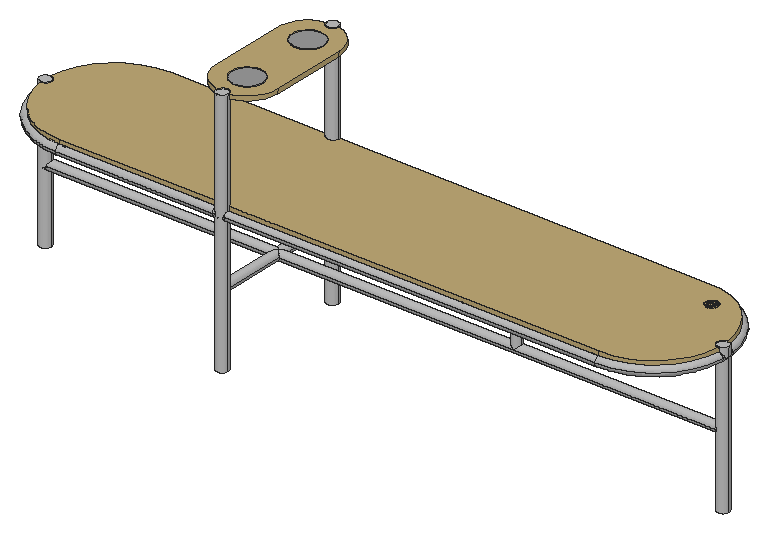
Revit family "L-FUR_벤치_YB-312A_예건", category 일반 모델, Revit 2021
Family settings
  보강 철근 호스트 가능 = 아니오
  원형 커넥터 치수 = 지름 사용
  부품 유형 = 보통
  작업 기준면 기반 = 아니오
  항상 수직 = 예
  로드될 때 보이드를 사용하여 절단 = 아니오
  공유 = 아니오
  룸 계산 점 = 아니오
Parameters
  한국산업규격KS = ""
  조달청표준공사코드-세부공종 = "24146912"
  기본 입면도 = 0 mm
  건설정보분류체계-부위분류 = "E943"
  LIM_INFO_주의사항 = "재배포, 재가공, 판매 금지"
  LIM_INFO_제품업체 = "예건"
  LIM_INFO_제품번호 = "YF-16"
  LIM_INFO_제품명 = "펜스_YF-16"
  LIM_INFO_제작일 = "20230315"
  LIM_INFO_재료 = "Hardwood, STL-pipe, STL-plate"
  LIM_INFO_업체정보 = ""
  LIM_INFO_업체URL = "https://yekun.com/"
  LIM_INFO_업체TEL = "(+82)31-943-6114"
  LIM_INFO_업체EMAIL = "yekun@yekun.com"
  LIM_INFO_버전 = "2023_V01"
  LIM_INFO_기타정보 = ""
  LIM_INFO_규격 = "W2000 x H1800"
  LIM_INFO_가격 = 0
  LIM_INFO_PV_포장재여부 = yes
  LIM_INFO_PV_면적 = 0.00 m²
  KBIMS_식별-버전 = ""
  KBIMS_식별-bSK등록번호 = ""
  KBIMS_보급정보-저작자 = "림인포테크_MMJ"
  KBIMS_보급정보-보급코드 = ""
Reference planes
  plane 1 "중심(앞/뒤)": y = 0
  plane 2: z = 0
  plane 3 "중심(왼쪽/오른쪽)": x = 0
Dimensions and locks
  aligned and locked: level to plane 2
Nested families
  nested 1: "YB-312A_base" at (0, 0, 0), type "YB-312A_base"
Definition of nested family "YB-312A_base"
  Parameters (values of type "YB-312A_base")
    Default Elevation = 0 mm
  Reference planes
    plane 1 "중심(앞/뒤)": y = 0
    plane 2: z = 0
    plane 3 "중심(왼쪽/오른쪽)": x = 0
  Forms (mm)
    Extrusion 1, solid, detail levels fine
      sketch origin (-1, 2, 0) x (1, 0, 0) y (0, 1, 0)
        loop
          circle (18, 215) r 17
        loop
          circle (1984, 215) r 17
      from 0 to 430
    Extrusion 2, solid, detail levels fine
      sketch origin (-1, 2, 0) x (1, 0, 0) y (0, 1, 0)
        loop
          circle (1385, 215) r 13.65
      from 211.4 to 404.4
    Sweep 3, solid, detail levels fine
      path in 3D
        loop
          arc (17.722, 200.015, 404.4) -> (81.717, 69.696, 404.4) -> (217, 17, 404.4) r 200
          line (217, 17, 404.4) -> (673, 17, 404.4) -> (707, 17, 404.4) -> (1783, 17, 404.4)
          arc (1783, 17, 404.4) -> (1918.283, 69.696, 404.4) -> (1982.277, 200.015, 404.4) r 200
          arc (1982.277, 200.015, 404.4) -> (1983, 217, 404.4) -> (1982.277, 233.985, 404.4) r 200
          arc (1982.277, 233.985, 404.4) -> (1918.283, 364.304, 404.4) -> (1783, 417, 404.4) r 200
          line (1783, 417, 404.4) -> (707, 417, 404.4) -> (673, 417, 404.4) -> (217, 417, 404.4)
          arc (217, 417, 404.4) -> (81.717, 364.304, 404.4) -> (17.722, 233.985, 404.4) r 200
          arc (17.722, 233.985, 404.4) -> (17, 217, 404.4) -> (17.722, 200.015, 404.4) r 200
      profile origin (17, 217, 404.4) x (1, 0, 0) y (0, 0, 1)
        loop
          circle (0, 0) r 13.65
    Sweep 4, solid, detail levels fine
      path in 3D
        loop
          line (616, 17, 404.35) -> (616, 417, 404.35)
      profile origin (616, 217, 404.35) x (-1, 0, 0) y (0, 0, 1)
        loop
          circle (0, 0) r 13.65
    Sweep 5, solid, detail levels fine
      path in 3D
        loop
          line (998.65, 17, 404.35) -> (998.65, 417, 404.35)
      profile origin (998.65, 217, 404.35) x (-1, 0, 0) y (0, 0, 1)
        loop
          circle (0, 0) r 13.65
    Sweep 6, solid, detail levels fine
      path in 3D
        loop
          line (1384, 17, 404.35) -> (1384, 417, 404.35)
      profile origin (1384, 217, 404.35) x (-1, 0, 0) y (0, 0, 1)
        loop
          circle (0, 0) r 13.65
    Sweep 7, solid, detail levels fine
      path in 3D
        loop
          line (230.65, 17, 404.35) -> (230.65, 417, 404.35)
      profile origin (230.65, 217, 404.35) x (-1, 0, 0) y (0, 0, 1)
        loop
          circle (0, 0) r 13.65
    Sweep 8, solid, detail levels fine
      path in 3D
        loop
          line (1766.65, 17, 404.35) -> (1766.65, 417, 404.35)
      profile origin (1766.65, 217, 404.35) x (-1, 0, 0) y (0, 0, 1)
        loop
          circle (0, 0) r 13.65
    Sweep 9, solid, detail levels fine
      path in 3D
        loop
          line (17, 217, 211.4) -> (1983, 217, 211.4)
      profile origin (1000, 217, 211.4) x (0, 1, 0) y (0, 0, 1)
        loop
          circle (0, 0) r 13.65
    Sweep 10, solid, detail levels fine
      path in 3D
        loop
          line (690, 17, 211.35) -> (690, 417, 211.35)
      profile origin (690, 217, 211.35) x (-1, 0, 0) y (0, 0, 1)
        loop
          circle (0, 0) r 13.65
    Extrusion 11, solid, detail levels fine
      sketch origin (-1, 2, 0) x (1, 0, 0) y (0, 1, 0)
        loop
          circle (691, 415) r 17
        loop
          circle (691, 15) r 17
      from 0 to 720
    Extrusion 12, solid, detail levels fine
      sketch origin (-1, 2, 0) x (1, 0, 0) y (0, 1, 0)
        loop
          circle (1848.033, 343.736) r 17.5
        loop
          arc (1983.277, 231.985) -> (1919.283, 362.304) -> (1784, 415) r 200
          line (1784, 415) -> (708, 415)
          arc (708, 415) -> (691, 398) -> (674, 415) r 17
          line (674, 415) -> (218, 415)
          arc (218, 415) -> (82.717, 362.304) -> (18.723, 231.985) r 200
          arc (18.723, 231.985) -> (30.274, 226.763) -> (35, 215) r 17
          arc (35, 215) -> (30.274, 203.237) -> (18.723, 198.015) r 17
          arc (18.723, 198.015) -> (82.717, 67.696) -> (218, 15) r 200
          line (218, 15) -> (674, 15)
          arc (674, 15) -> (691, 32) -> (708, 15) r 17
          line (708, 15) -> (1784, 15)
          arc (1784, 15) -> (1919.544, 67.654) -> (1984, 198) r 200.79
          arc (1984, 198) -> (1971.979, 202.979) -> (1967, 215) r 17
          arc (1967, 215) -> (1971.726, 226.763) -> (1983.277, 231.985) r 17
      from 418 to 430
    Extrusion 13, solid, detail levels fine
      sketch origin (-1, 2, 0) x (1, 0, 0) y (0, 1, 0)
        loop
          line (781, 105) -> (781, 325)
          arc (781, 325) -> (760.366, 382.345) -> (707.924, 413.394) r 90
          arc (707.924, 413.394) -> (691, 398) -> (674.076, 413.394) r 17
          arc (674.076, 413.394) -> (621.634, 382.345) -> (601, 325) r 90
          line (601, 325) -> (601, 105)
          arc (601, 105) -> (621.634, 47.655) -> (674.076, 16.606) r 90
          arc (674.076, 16.606) -> (691, 32) -> (707.924, 16.606) r 17
          arc (707.924, 16.606) -> (760.366, 47.655) -> (781, 105) r 90
        loop
          circle (691, 325) r 45
        loop
          circle (691, 105) r 45
      from 708 to 720
    Extrusion 14, solid, detail levels fine
      sketch origin (-1, 2, 0) x (1, 0, 0) y (0, 1, 0)
        loop
          arc (771, 325) -> (751.965, 376.8) -> (703.919, 403.95) r 80
          arc (703.919, 403.95) -> (691, 405) -> (678.081, 403.95) r 80
          arc (678.081, 403.95) -> (630.035, 376.8) -> (611, 325) r 80
          line (611, 325) -> (611, 105)
          arc (611, 105) -> (630.035, 53.2) -> (678.081, 26.05) r 80
          arc (678.081, 26.05) -> (691, 25) -> (703.919, 26.05) r 80
          arc (703.919, 26.05) -> (751.965, 53.2) -> (771, 105) r 80
          line (771, 105) -> (771, 325)
      from 705 to 708
    Extrusion 15, solid, detail levels fine
      sketch origin (-1, 2, 0) x (1, 0, 0) y (0, 1, 0)
        loop
          circle (691, 325) r 45
        loop
          circle (691, 105) r 45
      from 718 to 720
    Extrusion 16, solid, detail levels fine
      sketch origin (0, 0, 0) x (1, 0, 0) y (0, 1, 0)
        loop
          circle (1847.033, 345.736) r 17.5
      from 418 to 428.734
    Extrusion 17, solid, detail levels fine
      sketch origin (0, 0, 0) x (1, 0, 0) y (0, 1, 0)
        loop
          line (1857.531, 351.093) -> (1861.044, 351.093)
          arc (1861.044, 351.093) -> (1843.522, 360.319) -> (1832.119, 344.129) r 15
          line (1832.119, 344.129) -> (1838.997, 344.129) -> (1838.997, 347.343) -> (1835.357, 347.343)
          arc (1835.357, 347.343) -> (1845.068, 357.357) -> (1857.531, 351.093) r 11.786
        loop
          line (1843.551, 347.343) -> (1843.551, 351.093) -> (1840.337, 351.093) -> (1840.337, 340.379) -> (1843.551, 340.379) -> (1843.551, 343.419) -> (1846.33, 345.365) -> (1849.209, 340.379) -> (1852.92, 340.379) -> (1848.973, 347.216) -> (1854.51, 351.093) -> (1848.906, 351.093) -> (1843.551, 347.343)
        loop
          line (1853.729, 347.343) -> (1853.729, 344.129) -> (1858.709, 344.129)
          arc (1858.709, 344.129) -> (1848.998, 334.115) -> (1836.535, 340.379) r 11.786
          line (1836.535, 340.379) -> (1833.022, 340.379)
          arc (1833.022, 340.379) -> (1850.544, 331.153) -> (1861.947, 347.343) r 15
          line (1861.947, 347.343) -> (1853.729, 347.343)
      from 428.734 to 430
    Extrusion 18, solid, detail levels coarse+medium
      sketch origin (-3.278, 2, 0) x (1, 0, 0) y (0, 1, 0)
        loop
          line (1984, 232) -> (1969.278, 223.5) -> (1969.278, 206.5) -> (1984, 198) -> (1998.722, 206.5) -> (1998.722, 223.5) -> (1984, 232)
        loop
          line (18, 232) -> (3.278, 223.5) -> (3.278, 206.5) -> (18, 198) -> (32.722, 206.5) -> (32.722, 223.5) -> (18, 232)
      from 0 to 430
    Extrusion 19, solid, detail levels coarse+medium
      sketch origin (-3.278, 2, 0) x (1, 0, 0) y (0, 1, 0)
        loop
          line (691, 32) -> (676.278, 23.5) -> (676.278, 6.5) -> (691, -2) -> (705.722, 6.5) -> (705.722, 23.5) -> (691, 32)
        loop
          line (691, 432) -> (676.278, 423.5) -> (676.278, 406.5) -> (691, 398) -> (705.722, 406.5) -> (705.722, 423.5) -> (691, 432)
      from 0 to 720
    Extrusion 20, solid, detail levels coarse+medium
      sketch origin (-3.278, 2, 0) x (1, 0, 0) y (0, 1, 0)
        loop
          line (705.722, 415) -> (705.722, 406.5) -> (691, 398) -> (676.278, 406.5) -> (676.278, 415) -> (18, 415) -> (18, 232) -> (32.722, 223.5) -> (32.722, 206.5) -> (18, 198) -> (18, 15) -> (670.213, 15) -> (676.278, 15) -> (676.278, 23.5) -> (691, 32) -> (705.722, 23.5) -> (705.722, 15) -> (1984, 15) -> (1984, 198) -> (1969.278, 206.5) -> (1969.278, 223.5) -> (1984, 232) -> (1984, 415) -> (705.722, 415)
      from 418 to 430
    Extrusion 21, solid, detail levels coarse+medium
      sketch origin (-3.278, 2, 0) x (1, 0, 0) y (0, 1, 0)
        loop
          line (781, 15) -> (781, 415) -> (705.722, 415) -> (705.722, 406.5) -> (691, 398) -> (676.278, 406.5) -> (676.278, 415) -> (601, 415) -> (601, 15) -> (676.278, 15) -> (676.278, 23.5) -> (691, 32) -> (705.722, 23.5) -> (705.722, 15) -> (781, 15)
      from 708 to 720
    Extrusion 22, solid, detail levels coarse+medium
      sketch origin (-3.278, 2, 0) x (1, 0, 0) y (0, 1, 0)
        loop
          line (611, 405) -> (611, 25) -> (771, 25) -> (771, 405) -> (611, 405)
      from 705 to 708
    Extrusion 23, solid, detail levels coarse+medium
      sketch origin (-2422.278, 0, 0) x (1, 0, 0) y (0, 1, 0)
        loop
          line (3093, 417) -> (2437, 417) -> (2437, 17) -> (2919.737, 17) -> (4403, 17) -> (4403, 417) -> (3093, 417)
        loop
          line (3048.837, 387) -> (2467, 387) -> (2467, 47) -> (2891.274, 47) -> (4373, 47) -> (4373, 387) -> (3048.837, 387)
      from 390 to 418
  Lines and regions (mm)
    sketch lines
      curve 1: arc (17.722, 233.985, 404.4) -> (17, 217, 404.4) -> (17.722, 200.015, 404.4) r 200
      curve 2: arc (217, 417, 404.4) -> (81.717, 364.304, 404.4) -> (17.722, 233.985, 404.4) r 200
      curve 3: arc (17.722, 200.015, 404.4) -> (81.717, 69.696, 404.4) -> (217, 17, 404.4) r 200
      curve 4: line (217, 17, 404.4) -> (673, 17, 404.4)
      curve 5: line (673, 417, 404.4) -> (217, 417, 404.4)
      curve 6: line (707, 417, 404.4) -> (673, 417, 404.4)
      curve 7: line (1783, 417, 404.4) -> (707, 417, 404.4)
      curve 8: line (707, 17, 404.4) -> (673, 17, 404.4)
      curve 9: line (707, 17, 404.4) -> (1783, 17, 404.4)
      curve 10: arc (1783, 17, 404.4) -> (1918.283, 69.696, 404.4) -> (1982.277, 200.015, 404.4) r 200
      curve 11: arc (1982.277, 233.985, 404.4) -> (1983, 217, 404.4) -> (1982.277, 200.015, 404.4) r 200
      curve 12: arc (1982.277, 233.985, 404.4) -> (1918.283, 364.304, 404.4) -> (1783, 417, 404.4) r 200
      curve 13: line (616, 17, 404.35) -> (616, 417, 404.35)
      curve 14: line (998.65, 17, 404.35) -> (998.65, 417, 404.35)
      curve 15: line (1384, 17, 404.35) -> (1384, 417, 404.35)
      curve 16: line (230.65, 17, 404.35) -> (230.65, 417, 404.35)
      curve 17: line (1766.65, 17, 404.35) -> (1766.65, 417, 404.35)
      curve 18: line (17, 217, 211.4) -> (1983, 217, 211.4)
      curve 19: line (690, 17, 211.35) -> (690, 417, 211.35)
  Dimensions and locks
    aligned and locked: level to plane 2
